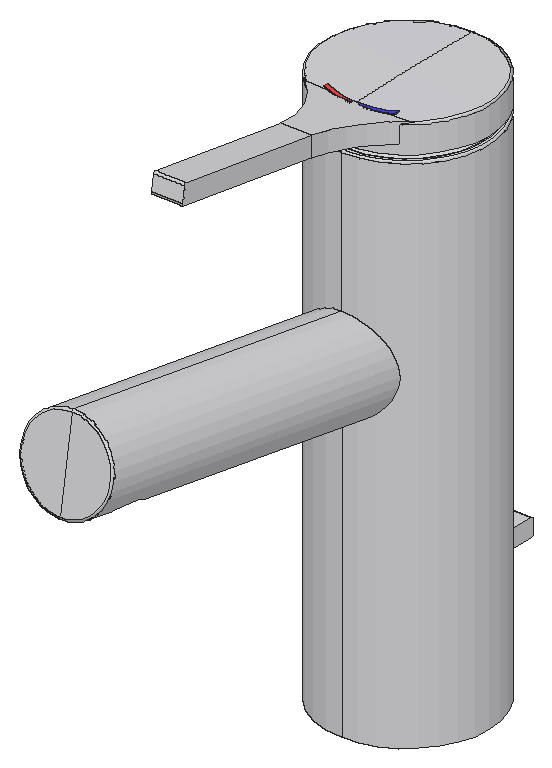
Revit family "Faucet-Lavatory-KOHLER-Elate-K-99491", category Plumbing Fixtures, host Face, Revit 2015
Parameters (values of type "CP-Polished Chrome")
  Width = 1 13/16"  # constant formula
  Waste Water Outlet = "Waste Water Outlet"  # constant formula
  Waste Connection = 1 = 0  # no
  Vent Connection = 1 = 0  # no
  URL = "https://www.us.kohler.com/us/"
  Spout Reach = 4 3/16"  # constant formula
  Product Page URL = "http://www.us.kohler.com/us/catalog/productDetails.jsp?productNumber=99491-4"
  Product Name = "Elate"  # constant formula
  Product Documentation Link = "http://www.us.kohler.com/onlinecatalog/pdf/K-99491-4_spec.pdf"
  Pressure = 60.00 psi  # constant formula
  Model = "K-99491-4-CP\r\n"  # constant formula
  Material = "Premium metal construction"  # constant formula
  MasterFormat 2004 = "22.41.39"  # constant formula
  MasterFormat 1995 = "15410"  # constant formula
  Manufacturer Address = "444 Highland Dr, Kohler, WI 53044"  # constant formula
  Manufacturer = "KOHLER Co."  # constant formula
  Length = Spout Reach  # 4 3/16"
  Hot Water Inlet = "Hot Water Inlet"  # constant formula
  Height = 6 9/16"  # constant formula
  Handle Clearance = 3 5/16"  # constant formula
  HW Connection = 1 = 1  # yes
  Flow Rate = 1.2 GPM  # constant formula
  Finish = Kohler-Metal-CP-Polished_Chrome
  Faucet Hole Spacing = 0"
  Environmental Product Declaration = ""
  Drain Included = 1 = 1  # yes
  Description = "Single-handle bathroom sink faucet"  # constant formula
  Default Elevation = 36"
  Declare Label = ""
  Date Modified = "12/27/2018"  # constant formula
  Date Created = "12/27/2018"  # constant formula
  Copyright = "Copyright KOHLER Co."  # constant formula
  Contact Us = "https://www.us.kohler.com/us/static/contact.jsp"
  Cold Water Inlet = "Cold Water Inlet"  # constant formula
  CW Connection = 1 = 1  # yes
  Assembly Code = "D2010"
  ADA Compliant = 1 = 1  # yes
Reference planes (in)
  plane 1 "Center (Front/Back)": y = 0
  plane 2: z = 0
  plane 3 "Center (Left/Right)": x = 0
  plane 4: x = -0.90625
  plane 5: z = 6.5625
  plane 6: x = 0.90625
  plane 7: y = -4.1875
  plane 8: z = 3.8125
  plane 9: y = -3.3125
Dimensions and locks (in)
  plane 8 to level = 3 13/16"
  "Width": plane 6 to plane 4
  "Length": plane 1 "Center (Front/Back)" to plane 7
  "Height": plane 5 to level
  "Handle Clearance": plane 1 "Center (Front/Back)" to plane 9
  aligned and locked: plane 2 to host face
  aligned and locked: level to host face
Automatic sketch dimensions
  host sketch curve to host sketch curve = 96"  (x2)
Nested families (in)
  nested 1: "K-99491" at (0, 0, 0), type "K-99491"
Connectors (in)
  piping at (-0.44086, 0, 0), diameter 0.375, driven by "Flow Rate", driven by "Pressure", driven by "HW Connection", driven by "Hot Water Inlet"
    settings: on nested 1, index 1, connector inside diameter 24", connector length 0", flow factor 0, pipe flow 1.2 GPM, pressure drop 60.00 psi, fitting loss kfactor 0, connector angle 0.00°, fixture units 0, engagement length 0", angle of deflection 0.00°, flow configuration 1, flow direction 1, fitting loss method 4, system type 19, joint type 0, gender type 0, connector reference index -1, connector utility 1, adjustable connector no, is connector primary yes, connector description "Hot Water Inlet"
  piping at (0.44086, 0, 0), diameter 0.375, driven by "Flow Rate", driven by "Pressure", driven by "CW Connection", driven by "Cold Water Inlet"
    settings: on nested 1, index 2, connector inside diameter 24", connector length 0", flow factor 0, pipe flow 1.2 GPM, pressure drop 60.00 psi, fitting loss kfactor 0, connector angle 0.00°, fixture units 0, engagement length 0", angle of deflection 0.00°, flow configuration 1, flow direction 1, fitting loss method 4, system type 20, joint type 0, gender type 0, connector reference index -1, connector utility 1, adjustable connector no, is connector primary no, connector description "Cold Water Inlet"
Definition of nested family "K-99491"
  Parameters (values of type "K-99491")
    Material = none
  Reference planes (in)
    plane 1 "Center (Front/Back)": y = 0
    plane 2: z = 0
    plane 3 "Center (Left/Right)": x = 0
    plane 4: z = 6.5625
    plane 5: x = 0.90625
    plane 6: y = -4.1875
    plane 7: x = -0.90625
    plane 8: y = -0.90625
    plane 9: y = 0.90625
    plane 10: z = 3.8125
    plane 11: y = -3.3125
  Forms (in)
    Revolve 1, solid, material <- "Material", detail levels medium+fine
      sketch origin (0, 0, 0) x (0, 1, 0) y (0, 0, 1)
        loop
          line (0, 6.18449) -> (0, 0) -> (0.90625, 0) -> (0.90625, 5.76725)
          arc (0.90625, 5.76725) -> (0.90035, 5.7815) -> (0.8861, 5.7874) r 0.02015
          line (0.8861, 5.7874) -> (0.85532, 5.7874) -> (0.85532, 5.75657) -> (0.84628, 5.7874)
          arc (0.84628, 5.7874) -> (0.55704, 5.90284) -> (0.25281, 5.96946) r 1.89936
          line (0.25281, 5.96946) -> (0.84485, 5.96946) -> (0.84485, 5.9384) -> (0.87402, 5.85827) -> (0.90625, 5.85827) -> (0.90625, 6.15414)
          arc (0.90625, 6.15414) -> (0.90059, 6.16803) -> (0.88684, 6.17401) r 0.01988
          arc (0.88684, 6.17401) -> (0.44345, 6.18187) -> (0, 6.18449) r 37.54029
        axis (0, 6.18449) -> (0, 0)
      angle from 0 to 360
    Revolve 2, solid, material <- "Material", detail levels medium+fine
      sketch origin (0, 0, -0.0633) x (0, 1, 0) y (0, 0, 1)
        loop
          line (-4.61543, 4.90141) -> (-4.70079, 4.41732) -> (-0.69959, 3.7118) -> (-0.61071, 4.21584) -> (-4.59197, 4.91784)
          arc (-4.59197, 4.91784) -> (-4.6071, 4.91449) -> (-4.61543, 4.90141) r 0.02025
        axis (-4.70079, 4.41732) -> (-0.69959, 3.7118)
      angle from 0 to 360
    Extrusion 3, void
      sketch origin (0, -0.73239, -0.65548) x (1, 0, 0) y (0, 0.984808, -0.173648)
        loop
          circle (0, -4.1875) r 0.37167
      from 3.41097 to 4.38013
    Extrusion 4, solid, material <- "Material", detail levels medium+fine
      sketch origin (0, 0, -0.00781) x (0, 1, 0) y (0, 0, 1)
        loop
          line (-3.27915, 6.55122) -> (-3.31205, 6.38193)
          arc (-3.31205, 6.38193) -> (-3.30831, 6.3641) -> (-3.29292, 6.35434) r 0.02344
          line (-3.29292, 6.35434) -> (-1.53474, 6.05959)
          arc (-1.53474, 6.05959) -> (-1.09833, 5.99871) -> (-0.65924, 5.96189) r 8.01805
          line (-0.65924, 5.96189) -> (-0.65924, 6.18008)
          arc (-0.65924, 6.18008) -> (-1.0964, 6.21963) -> (-1.53101, 6.28123) r 8.67727
          line (-1.53101, 6.28123) -> (-3.25235, 6.5698)
          arc (-3.25235, 6.5698) -> (-3.26953, 6.56596) -> (-3.27915, 6.55122) r 0.02336
      from -0.71267 to 0.62186
    Extrusion 5, void
      sketch origin (0, 0, 0) x (1, 0, 0) y (0, 1, 0)
        loop
          line (-0.16868, -3.80287) -> (-0.17248, -1.54615)
          arc (-0.17248, -1.54615) -> (-0.29231, -1.04101) -> (-0.62492, -0.6424) r 1.13264
          line (-0.62492, -0.6424) -> (-0.90625, -0.6424) -> (-0.90625, -3.80287) -> (-0.16868, -3.80287)
        loop
          line (0.16868, -3.80287) -> (0.90625, -3.80287) -> (0.90625, -0.6424) -> (0.62492, -0.6424)
          arc (0.62492, -0.6424) -> (0.29231, -1.04101) -> (0.17248, -1.54615) r 1.13264
          line (0.17248, -1.54615) -> (0.16868, -3.80287)
      from 5.76772 to 6.88198
    Revolve 6, solid, material <- "Material", detail levels medium+fine
      sketch origin (0, 0, 0) x (0, 1, 0) y (0, 0, 1)
        loop
          line (1.11438, 1.08268) -> (1.11438, 1.16142) -> (0.61438, 1.16142) -> (0.61438, 1.08268) -> (1.11438, 1.08268)
        axis (0.61438, 1.08268) -> (1.11438, 1.08268)
      angle from 0 to 360
    Extrusion 7, solid, material <- "Material", detail levels medium+fine
      sketch origin (0, 0, 0) x (0, 1, 0) y (0, 0, 1)
        loop
          arc (1.04108, 1.18149) -> (1.00126, 1.16709) -> (0.97987, 1.13054) r 0.06224
          arc (0.97987, 1.13054) -> (0.97548, 1.08283) -> (0.97979, 1.03512) r 0.26415
          arc (0.97979, 1.03512) -> (1.00125, 0.99836) -> (1.04127, 0.98386) r 0.0625
          line (1.04127, 0.98386) -> (1.47514, 0.98386)
          arc (1.47514, 0.98386) -> (1.49131, 0.99056) -> (1.49801, 1.00672) r 0.02286
          line (1.49801, 1.00672) -> (1.49801, 1.15852)
          arc (1.49801, 1.15852) -> (1.49128, 1.17477) -> (1.47504, 1.18149) r 0.02297
          line (1.47504, 1.18149) -> (1.04108, 1.18149)
      from -0.17899 to 0.17716
    Extrusion 8, void
      sketch origin (0, 0, 0) x (1, 0, 0) y (0, 0, 1)
        loop
          line (-0.10827, 2.73821) -> (-0.10827, 0.73808)
          arc (-0.10827, 0.73808) -> (0, 0.62981) -> (0.10827, 0.73808) r 0.10827
          line (0.10827, 0.73808) -> (0.10827, 2.73821)
          arc (0.10827, 2.73821) -> (0, 2.84647) -> (-0.10827, 2.73821) r 0.10827
      from -0.98216 to -0.79979
    Revolve 9, solid, material <- "Material", detail levels coarse
      sketch origin (0, 0, 0) x (0, 1, 0) y (0, 0, 1)
        loop
          line (0, 6.18447) -> (0, 0) -> (0.90625, 0) -> (0.90625, 6.18447) -> (0, 6.18447)
        axis (0, 6.18447) -> (0, 0)
      angle from 0 to 360
    Revolve 10, solid, material <- "Material", detail levels coarse
      sketch origin (0, 0, -0.06266) x (0, 1, 0) y (0, 0, 1)
        loop
          line (-0.62567, 4.21848) -> (-4.61191, 4.92136) -> (-4.70079, 4.41732) -> (-0.71455, 3.71444) -> (-0.62567, 4.21848)
        axis (-4.70079, 4.41732) -> (-0.71455, 3.71444)
      angle from 0 to 360
    Extrusion 11, solid, material <- "Material", detail levels coarse
      sketch origin (0, 0, 0) x (0, 1, 0) y (0, 0, 1)
        loop
          line (-0.66207, 6.12453) -> (-3.27059, 6.56183) -> (-3.31243, 6.34659) -> (-0.69831, 5.90834) -> (-0.66207, 6.12453)
      from -0.17174 to 0.17174
    Extrusion 12, solid, material <- "Material", detail levels medium+fine
      sketch origin (0, 0, 0) x (1, 0, 0) y (0, 1, 0)
        loop
          circle (-0.44086, 0) r 0.25
        loop
          circle (0.44086, 0) r 0.25
      from 0 to 0.17464
    Extrusion 13, solid, detail levels medium+fine
      sketch origin (0, 0.03125, 0) x (1, 0, 0) y (0, 1, 0)
        loop
          line (-0.39158, -0.63444) -> (-0.39158, -0.69545)
          arc (-0.39158, -0.69545) -> (-0.2185, -0.76112) -> (-0.03541, -0.78845) r 0.8649
          line (-0.03541, -0.78845) -> (-0.03541, -0.73447)
          arc (-0.03541, -0.73447) -> (-0.21927, -0.70503) -> (-0.39158, -0.63444) r 0.81097
      from 6.1228 to 6.17963
    Extrusion 14, solid, detail levels medium+fine
      sketch origin (0, 0.03125, 0) x (-1, 0, 0) y (0, -1, 0)
        loop
          arc (-0.39158, 0.63444) -> (-0.21927, 0.70503) -> (-0.03541, 0.73447) r 0.81097
          line (-0.03541, 0.73447) -> (-0.03541, 0.78845)
          arc (-0.03541, 0.78845) -> (-0.2185, 0.76112) -> (-0.39158, 0.69545) r 0.8649
          line (-0.39158, 0.69545) -> (-0.39158, 0.63444)
      from 6.1228 to 6.17963
  Cuts and joins
    Extrusion 5 cuts Extrusion 4
    Extrusion 8 cuts Revolve 1
    Extrusion 3 cuts Revolve 2
    joined: Revolve 1, Revolve 2, Revolve 6, Extrusion 7
    joined: Revolve 9, Revolve 10, Extrusion 11
  Lines and regions (in)
    Masking region 1
      outline origin (0, 0, 0) x (1, 0, 0) y (0, 1, 0)
        loop
          arc (0.51181, -0.74789) -> (0.87658, 0.22998) -> (0.07874, 0.90282) r 0.90625
          line (0.07874, 0.90282) -> (0.07874, 0.97548) -> (0.14591, 0.97548)
          arc (0.14591, 0.97548) -> (0.168, 0.98464) -> (0.17716, 1.00673) r 0.03125
          line (0.17716, 1.00673) -> (0.17716, 1.46676)
          arc (0.17716, 1.46676) -> (0.168, 1.48885) -> (0.14591, 1.49801) r 0.03125
          line (0.14591, 1.49801) -> (-0.14774, 1.49801)
          arc (-0.14774, 1.49801) -> (-0.16984, 1.48885) -> (-0.17899, 1.46676) r 0.03125
          line (-0.17899, 1.46676) -> (-0.17899, 1.00855)
          arc (-0.17899, 1.00855) -> (-0.1693, 0.98517) -> (-0.14592, 0.97548) r 0.03307
          line (-0.14592, 0.97548) -> (-0.07874, 0.97548) -> (-0.07874, 0.90282)
          arc (-0.07874, 0.90282) -> (-0.87658, 0.22998) -> (-0.51181, -0.74789) r 0.90625
          line (-0.51181, -0.74789) -> (-0.51181, -4.68083)
          arc (-0.51181, -4.68083) -> (-0.50662, -4.70057) -> (-0.49238, -4.71519) r 0.04009
          arc (-0.49238, -4.71519) -> (-0.4341, -4.74157) -> (-0.37206, -4.7572) r 0.35966
          arc (-0.37206, -4.7572) -> (0, -4.78662) -> (0.37206, -4.7572) r 2.3678
          arc (0.37206, -4.7572) -> (0.4341, -4.74157) -> (0.49238, -4.71519) r 0.35966
          arc (0.49238, -4.71519) -> (0.50662, -4.70057) -> (0.51181, -4.68083) r 0.04009
          line (0.51181, -4.68083) -> (0.51181, -0.74789)
    Masking region 2
      outline origin (0, 0, 0) x (1, 0, 0) y (0, 0, 1)
        loop
          line (-0.90625, 0) -> (0.90625, 0) -> (0.90625, 5.76725)
          arc (0.90625, 5.76725) -> (0.90035, 5.7815) -> (0.8861, 5.7874) r 0.02015
          line (0.8861, 5.7874) -> (0.84628, 5.7874)
          arc (0.84628, 5.7874) -> (0.7668, 5.82469) -> (0.68569, 5.85827) r 1.89936
          line (0.68569, 5.85827) -> (0.90625, 5.85827) -> (0.90625, 6.15414)
          arc (0.90625, 6.15414) -> (0.90059, 6.16803) -> (0.88684, 6.17401) r 0.01988
          arc (0.88684, 6.17401) -> (0.66242, 6.17865) -> (0.43798, 6.18194) r 37.54029
          spline (0.43798, 6.18194) -> (0.39766, 6.18681) -> (0.36032, 6.1922) -> (0.32608, 6.19811) -> (0.29506, 6.2045) -> (0.26737, 6.21135) -> (0.24308, 6.21865) -> (0.22229, 6.22636) -> (0.20505, 6.23447) -> (0.19144, 6.24295) -> (0.18148, 6.25176) -> (0.17522, 6.26089) -> (0.17267, 6.27029)
          line (0.17267, 6.27029) -> (0.17267, 6.53125)
          arc (0.17267, 6.53125) -> (0.16352, 6.55335) -> (0.14142, 6.5625) r 0.03125
          line (0.14142, 6.5625) -> (-0.14142, 6.5625)
          arc (-0.14142, 6.5625) -> (-0.16352, 6.55335) -> (-0.17267, 6.53125) r 0.03125
          line (-0.17267, 6.53125) -> (-0.17267, 6.27029)
          spline (-0.17267, 6.27029) -> (-0.17522, 6.26089) -> (-0.18148, 6.25176) -> (-0.19144, 6.24295) -> (-0.20505, 6.23447) -> (-0.22229, 6.22636) -> (-0.24308, 6.21865) -> (-0.26737, 6.21135) -> (-0.29506, 6.2045) -> (-0.32608, 6.19811) -> (-0.36032, 6.1922) -> (-0.39766, 6.18681) -> (-0.43798, 6.18194)
          arc (-0.43798, 6.18194) -> (-0.66242, 6.17865) -> (-0.88684, 6.17401) r 37.54029
          arc (-0.88684, 6.17401) -> (-0.90059, 6.16803) -> (-0.90625, 6.15414) r 0.01988
          line (-0.90625, 6.15414) -> (-0.90625, 5.85827) -> (-0.68569, 5.85827)
          arc (-0.68569, 5.85827) -> (-0.7668, 5.82469) -> (-0.84628, 5.7874) r 1.89936
          line (-0.84628, 5.7874) -> (-0.8861, 5.7874)
          arc (-0.8861, 5.7874) -> (-0.90035, 5.7815) -> (-0.90625, 5.76725) r 0.02015
          line (-0.90625, 5.76725) -> (-0.90625, 0)
    Masking region 3
      outline origin (0, 0, 0) x (0, 1, 0) y (0, 0, 1)
        loop
          line (0.90625, 0) -> (0.90625, 1.00394) -> (0.99537, 1.00394)
          arc (0.99537, 1.00394) -> (1.01622, 0.9891) -> (1.04127, 0.98386) r 0.0625
          line (1.04127, 0.98386) -> (1.47514, 0.98386)
          arc (1.47514, 0.98386) -> (1.49131, 0.99056) -> (1.49801, 1.00672) r 0.02286
          line (1.49801, 1.00672) -> (1.49801, 1.15852)
          arc (1.49801, 1.15852) -> (1.49128, 1.17477) -> (1.47504, 1.18149) r 0.02297
          line (1.47504, 1.18149) -> (1.04108, 1.18149)
          arc (1.04108, 1.18149) -> (1.01608, 1.17625) -> (0.99529, 1.16142) r 0.06224
          line (0.99529, 1.16142) -> (0.90625, 1.16142) -> (0.90625, 5.76725)
          arc (0.90625, 5.76725) -> (0.90035, 5.7815) -> (0.8861, 5.7874) r 0.02015
          line (0.8861, 5.7874) -> (0.84628, 5.7874)
          arc (0.84628, 5.7874) -> (0.7668, 5.82469) -> (0.68569, 5.85827) r 1.89936
          line (0.68569, 5.85827) -> (0.90625, 5.85827) -> (0.90625, 6.15414)
          arc (0.90625, 6.15414) -> (0.90059, 6.16803) -> (0.88684, 6.17401) r 0.01988
          arc (0.88684, 6.17401) -> (0.07809, 6.18441) -> (-0.73069, 6.17738) r 37.54029
          arc (-0.73069, 6.17738) -> (-1.13195, 6.21618) -> (-1.53098, 6.27358) r 8.67727
          line (-1.53098, 6.27358) -> (-3.25235, 6.56216)
          arc (-3.25235, 6.56216) -> (-3.26952, 6.55832) -> (-3.27914, 6.54358) r 0.02336
          line (-3.27914, 6.54358) -> (-3.31206, 6.37426)
          arc (-3.31206, 6.37426) -> (-3.30831, 6.35643) -> (-3.29292, 6.34668) r 0.02344
          line (-3.29292, 6.34668) -> (-1.53471, 6.05192)
          arc (-1.53471, 6.05192) -> (-1.22127, 6.00572) -> (-0.90625, 5.97194) r 8.01805
          line (-0.90625, 5.97194) -> (-0.90625, 5.85827) -> (-0.68569, 5.85827)
          arc (-0.68569, 5.85827) -> (-0.7668, 5.82469) -> (-0.84628, 5.7874) r 1.89936
          line (-0.84628, 5.7874) -> (-0.8861, 5.7874)
          arc (-0.8861, 5.7874) -> (-0.90035, 5.7815) -> (-0.90625, 5.76725) r 0.02015
          line (-0.90625, 5.76725) -> (-0.90625, 4.2054) -> (-4.59244, 4.85538)
          arc (-4.59244, 4.85538) -> (-4.60721, 4.8521) -> (-4.61535, 4.83933) r 0.01978
          line (-4.61535, 4.83933) -> (-4.78615, 3.87065)
          arc (-4.78615, 3.87065) -> (-4.7828, 3.85554) -> (-4.76975, 3.84723) r 0.02022
          line (-4.76975, 3.84723) -> (-4.5728, 3.8125)
          arc (-4.5728, 3.8125) -> (-4.17901, 3.90547) -> (-3.84076, 3.68342) r 0.51181
          line (-3.84076, 3.68342) -> (-0.90625, 3.16599) -> (-0.90625, 0) -> (0.90625, 0)
    symbolic lines, detail levels medium+fine
      curve 1: arc (-0.07874, 0.90282, 0) -> (0, 0.90625, 0) -> (0.07874, 0.90282, 0) r 0.90625
      curve 2: arc (-0.07874, 0.97548, 0) -> (0, 0.9983, 0) -> (0.07874, 0.97548, 0) r 0.14726
      curve 3: line (-0.16953, -3.30002, 0) -> (-0.17248, -1.54615, 0)
      curve 4: line (0.17248, -1.54615, 0) -> (0.16953, -3.30002, 0)
      curve 5: arc (-0.17248, -1.54615, 0) -> (-0.25472, -1.12434, 0) -> (-0.48817, -0.76353, 0) r 1.13264
      curve 6: arc (0.48817, -0.76353, 0) -> (0.25472, -1.12434, 0) -> (0.17248, -1.54615, 0) r 1.13264
      curve 7: line (-0.13828, -3.33122, 0) -> (0.13828, -3.33122, 0)
      curve 8: arc (-0.51181, -0.74789, 0) -> (-0.50005, -0.7558, 0) -> (-0.48817, -0.76353, 0) r 0.90625
      curve 9: arc (0.48817, -0.76353, 0) -> (0.50005, -0.7558, 0) -> (0.51181, -0.74789, 0) r 0.90625
      curve 10: arc (-0.13828, -3.33122, 0) -> (-0.16036, -3.32208, 0) -> (-0.16953, -3.30002, 0) r 0.03125
      curve 11: arc (0.13828, -3.33122, 0) -> (0.16036, -3.32208, 0) -> (0.16953, -3.30002, 0) r 0.03125
      curve 12: line (-0.51181, 0, 4.34689) -> (-0.51181, 0, 3.67855)
      curve 13: line (-0.37167, 0, 3.90715) -> (0, 0, 3.81418)
      curve 14: line (0, 0, 3.6851) -> (-0.37167, 0, 3.90715)
      curve 15: line (0.37167, 0, 3.90715) -> (0, 0, 3.81418)
      curve 16: line (0, 0, 3.6851) -> (0.37167, 0, 3.90715)
      curve 17: line (0.51181, 0, 4.34689) -> (0.51181, 0, 3.67855)
      curve 18: arc (-0.51181, 0, 3.67855) -> (0, 0, 3.16674) -> (0.51181, 0, 3.67855) r 0.51181
      curve 19: line (-0.68569, 0, 5.85827) -> (0.68569, 0, 5.85827)
      curve 20: line (-0.84628, 0, 5.7874) -> (0.84628, 0, 5.7874)
      curve 21: spline (-0.1726, 0, 6.04866) -> (-0.1765, 0, 6.03502) -> (-0.18665, 0, 6.02218) -> (-0.203, 0, 6.01021) -> (-0.22545, 0, 5.99919) -> (-0.25388, 0, 5.98916) -> (-0.28814, 0, 5.98019) -> (-0.32802, 0, 5.97232) -> (-0.3733, 0, 5.96561) -> (-0.42374, 0, 5.96009) -> (-0.47906, 0, 5.95578) -> (-0.53893, 0, 5.95272) -> (-0.60304, 0, 5.95091)
      curve 22: spline (0.60299, 0, 5.95091) -> (0.53852, 0, 5.95435) -> (0.47833, 0, 5.95878) -> (0.42278, 0, 5.96416) -> (0.37216, 0, 5.97047) -> (0.32676, 0, 5.97768) -> (0.28684, 0, 5.98574) -> (0.25262, 0, 5.99461) -> (0.22429, 0, 6.00424) -> (0.20202, 0, 6.01457) -> (0.18593, 0, 6.02554) -> (0.1761, 0, 6.03711) -> (0.1726, 0, 6.04919)
      curve 23: line (-0.1726, 0, 6.04866) -> (-0.1726, 0, 6.27029)
      curve 24: line (0.1726, 0, 6.04919) -> (0.1726, 0, 6.27029)
      curve 25: line (0, 0.68569, 5.85827) -> (0, -0.68569, 5.85827)
      curve 26: line (0, 0.84628, 5.7874) -> (0, -0.84628, 5.7874)
      curve 27: line (0, 0.90625, 1.16142) -> (0, 0.90625, 1.00394)
      curve 28: arc (0, 0.97987, 1.13054) -> (0, 0.97548, 1.08283) -> (0, 0.97979, 1.03512) r 0.26415
      curve 29: arc (0, 0.99536, 1.16155) -> (0, 0.98542, 1.14714) -> (0, 0.97987, 1.13054) r 0.06252
      curve 30: arc (0, 0.97979, 1.03512) -> (0, 0.98536, 1.01843) -> (0, 0.99537, 1.00395) r 0.06242
      curve 31: arc (0, -0.90625, 4.2054) -> (0, -0.75189, 3.68569) -> (0, -0.90625, 3.16599) r 0.95209
      curve 32: arc (0, -0.90625, 5.96863) -> (0, -0.78281, 5.95882) -> (0, -0.65924, 5.95092) r 8.01805
      curve 33: spline (-0.51181, 0, 4.35467) -> (-0.49437, 0, 4.22421) -> (-0.44324, 0, 4.10265) -> (-0.36191, 0, 3.99826) -> (-0.25591, 0, 3.91816) -> (-0.13247, 0, 3.86781) -> (0, 0, 3.85063) -> (0.13247, 0, 3.86781) -> (0.25591, 0, 3.91816) -> (0.36191, 0, 3.99826) -> (0.44324, 0, 4.10265) -> (0.49437, 0, 4.22421) -> (0.51181, 0, 4.35467) -> (0.49437, 0, 4.48512) -> (0.44324, 0, 4.60669) -> (0.36191, 0, 4.71107) -> (0.25591, 0, 4.79118) -> (0.13247, 0, 4.84153) -> (0, 0, 4.8587) -> (-0.13247, 0, 4.84153) -> (-0.25591, 0, 4.79118) -> (-0.36191, 0, 4.71107) -> (-0.44324, 0, 4.60669) -> (-0.49437, 0, 4.48512) -> (-0.51181, 0, 4.35467)
      curve 34: line (-0.60304, 0, 5.95091) -> (-0.60304, 0, 6.17965)
      curve 35: line (-0.60304, 0, 5.95091) -> (0.60299, 0, 5.95091)
      curve 36: line (0.60304, 0, 5.95091) -> (0.60304, 0, 6.17965)
  Dimensions and locks (in)
    aligned and locked: level to plane 2
